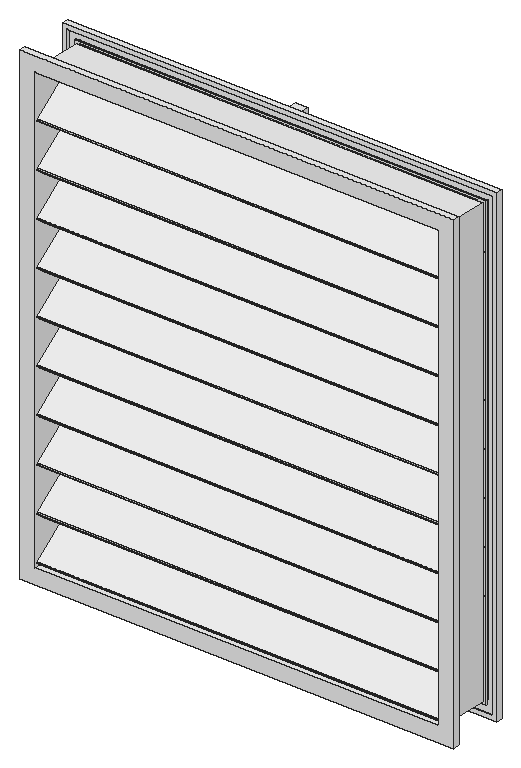
Revit family
Parameters (values of type "OHCL-C-124")
  URL = "http://www.productspec.net/products/18506/holyoake-industries-ltd/large-blade-outside-horizontal-louvers-ohl-124.aspx"
  Type Comments = "124mm Closable Horizontal Louvers in Channel Surround"
  Technical Data = "http://www.collate.co.nz/nas/TechnicalFiles/2367/p18505/F3-F5%20OHCL102%20124.pdf"
  Ownership = "Holyoake Industries Limited"
  Overall Opening = Exact Neck Height - 50.80 mm  # 769.20 mm
  Overall Depth = 38.30 mm
  Nominal Width = 756.00 mm
  Nominal Height = 826.00 mm
  Model = "OHCL-C-124"
  Manufacturer = "Holyoake Industries Limited"
  Keynote = ""
  Gang Bar with Actuator Width (plus min. 300mm clearance) = 150.00 mm
  Gang Bar Width (plus min. 300mm clearance) = 50.00 mm
  Closable Blade Gang Bar = yes
  Channel Width = 25.40 mm
  Channel Thickness = 103.20 mm
  Exact Neck Width = Nominal Width - 6.00 mm  # 750.00 mm
  Exact Neck Height = Nominal Height - 6.00 mm  # 820.00 mm
  Description = "Holyoake Outside Horizontal Louvre"
  Created By = "Productspec Limited"
  Frame & Blades = Aluminium
  Top Blade Height = Overall Opening - Blade Cut Setout  # 83.40 mm
  Connector Width = Exact Neck Width - 74.80 mm  # 675.20 mm
  Connector Height = Exact Neck Height - 74.80 mm  # 745.20 mm
  Blade Width = 97.10 mm
  Blade Pitch = 76.20 mm
  Blade Offset = (Channel Thickness - Blade Width) / 2  # 3.05 mm
  Blade Length = Exact Neck Width - 50.80 mm  # 699.20 mm
  Blade Height = 89.80 mm
  Blade Cut Setout = Blade Count * Blade Pitch  # 685.80 mm
  Blade Count = Blade Array Count - 1  # 9
  Blade Array Count = Overall Opening / Blade Pitch  # 10.0945
  Author = "Zinder Zhao"
  Assembly Code = ""
  Accessories = "Aluminium Bird mesh or insect mesh (fibreglass)"
Types (2, lengths in mm): name | Type Comments | Technical Data | Overall Opening | Nominal Width | Nominal Height | Model | Closable Blade Gang Bar | Exact Neck Width | Exact Neck Height | Top Blade Height | Connector Width | Connector Height | Blade Length | Blade Cut Setout | Blade Count | Blade Array Count
  OHCL-C-124 | "124mm Closable Horizontal Louvers in Channel Surround" | "http://www.collate.co.nz/nas/TechnicalFiles/2367/p18505/F3-F5%20OHCL102%20124.pdf" | 769.20 | 756.00 | 826.00 | "OHCL-C-124" | yes | 750.00 | 820.00 | 83.40 | 675.20 | 745.20 | 699.20 | 685.80 | 9 | 10.0945
  OHL-C-124 | "124mm Horizontal Louvers in Channel Surround" | "http://www.collate.co.nz/nas/TechnicalFiles/2367/p18505/F1-F2%20OHL102%20124.pdf" | 809.20 | 741.00 | 866.00 | "OHL-C-124" | no | 735.00 | 860.00 | 47.20 | 660.20 | 785.20 | 684.20 | 762.00 | 10 | 10.6194
Reference planes
  plane 1 "Centre": y = 0
  plane 2: z = 25.4
  plane 3 "Center (Left/Right)": x = -20.2
  plane 4 "Overall Opening": z = 794.6
  plane 5: y = 103.2
  plane 6: z = 101.6
  plane 7: x = -398.2
  plane 8: x = 354.8
  plane 9: x = 357.8
  plane 10: x = -395.2
  plane 11: z = 820
  plane 12: z = 823
  plane 13: z = 410
  plane 14: z = 115.2
  plane 15 "Cut Blade Setout": z = 711.2
  plane 16 "Blade Offset": y = 3.05
  plane 17: z = 0
  plane 18: y = 100.15
  plane 19: z = -3
  plane 20: z = 782.6
  plane 21: z = 37.4
  plane 22: x = -357.8
  plane 23: x = 317.4
  plane 24: x = -369.8
  plane 25: x = 329.4
  plane 26: y = 153.2
  plane 27: y = 253.2
Forms (mm)
  Sweep 1, solid, material "Aluminium" <- "Frame & Blades", detail levels fine
    path origin (0, 0, 0) x (1, 0, 0) y (0, 0, 1)
      loop
        line (329.4, 25.4) -> (329.4, 794.6) -> (-369.8, 794.6) -> (-369.8, 25.4) -> (329.4, 25.4)
    profile "Holyoake_OutsideLouvre_OHL-102_Channel_profile : OHL-102 Channel Profile" origin (329.4, 0, 410) x (-1, 0, 0) y (0, -1, 0)
      loop
        line (12, -103.2) -> (12, -101.6) -> (0, -101.6) -> (0, 0) -> (-25.4, 0) -> (-25.4, -10.6) -> (-18.8, -10.6) -> (-18.8, -7.5) -> (-22.2, -7.5) -> (-22.2, -1.9) -> (-3.2, -1.9) -> (-3.2, -7.5) -> (-6.1, -7.5) -> (-6.1, -10.6) -> (-2.3, -10.6) -> (-2.3, -92.9) -> (-6.1, -92.9) -> (-6.1, -95.7) -> (-3.2, -95.7) -> (-3.2, -101.3) -> (-22.2, -101.3) -> (-22.2, -95.7) -> (-18.8, -95.7) -> (-18.8, -92.9) -> (-25.4, -92.9) -> (-25.4, -103.2) -> (12, -103.2)
  Extrusion 2, solid, material "Aluminium" <- "Frame & Blades", detail levels coarse+medium
    sketch origin (0, 0, 0) x (1, 0, 0) y (0, 1, 0)
      loop
        line (-395.2, 103.2) -> (-395.2, 0) -> (354.8, 0) -> (354.8, 103.2) -> (-395.2, 103.2)
    from 0 to 820
Dimensions and locks
  "Overall Opening": plane 4 "Overall Opening" to plane 2
  equal spacing: group 1, group 2, group 3, group 4, group 5, group 6, group 7, group 8, group 9  (x3)
  "Blade Pitch": plane 6 to plane 2
  "Blade Cut Setout": plane 15 "Cut Blade Setout" to plane 2
  locked: plane 7 to plane 10 at 3
  locked: plane 12 to plane 11 at 3
  equal spacing: plane 10, plane 3 "Center (Left/Right)", plane 8
  "Exact Neck Width": plane 10 to plane 8
  "Nominal Width": plane 7 to plane 9
  "Blade Length": plane 24 to plane 25
  "Channel Thickness": plane 5 to plane 1 "Centre"
  equal spacing: plane 11, plane 13, plane 17
  "Exact Neck Height": plane 11 to plane 17
  "Nominal Height": plane 12 to plane 19
  "Blade Width": plane 18 to plane 16 "Blade Offset"
  "Channel Width": plane 10 to plane 24
  "Channel Width": plane 11 to plane 4 "Overall Opening"
  "Connector Height": plane 21 to plane 20
  "Connector Width": plane 22 to plane 23
  "Blade Offset": plane 16 "Blade Offset" to plane 1 "Centre"
  locked: plane 24 to plane 22 at 12
  locked: plane 4 "Overall Opening" to plane 20 at 12
  "Blade Height": plane 14 to plane 2
  "Gang Bar Width (plus min. 300mm clearance)": plane 26 to plane 5
  "Gang Bar with Actuator Width (plus min. 300mm clearance)": plane 5 to plane 27
  aligned and locked: plane 4 "Overall Opening" to Sweep 1 sketch curve
  aligned and locked: Sweep 1 sketch curve to plane 2
  aligned and locked: Sweep 1 to plane 4 "Overall Opening"
  aligned and locked: plane 2 to Sweep 1
  aligned and locked: Sweep 1 to plane 2  (x2)
  aligned and locked: Sweep 1 to plane 20
  aligned and locked: plane 21 to Sweep 1  (x3)
  aligned and locked: plane 10 to Sweep 1
  aligned and locked: plane 8 to Sweep 1
  aligned and locked: plane 5 to Sweep 1
  aligned and locked: plane 25 to Sweep 1
  aligned and locked: plane 24 to Sweep 1
  aligned and locked: plane 11 to Sweep 1
  aligned and locked: plane 17 to Sweep 1
  aligned and locked: plane 16 "Blade Offset" to nested 3  (x3)
  aligned and locked: plane 20 to Sweep 1  (x3)
  aligned and locked: Sweep 1 sketch curve to plane 24
  aligned and locked: Sweep 1 sketch curve to plane 25
  aligned and locked: Sweep 1 to plane 21
  aligned and locked: plane 22 to Sweep 1
  aligned and locked: plane 23 to Sweep 1
  aligned and locked: Sweep 1 to plane 23
  aligned and locked: nested 1 to plane 16 "Blade Offset"
  aligned and locked: nested 1 to plane 2
  aligned and locked: plane 18 to nested 1
  aligned and locked: nested 2 to plane 6
  aligned and locked: nested 2 to plane 16 "Blade Offset"
  aligned and locked: nested 4 to plane 16 "Blade Offset"
  aligned and locked: plane 18 to nested 2
  aligned and locked: nested 3 to plane 15 "Cut Blade Setout"
  aligned and locked: nested 3 to plane 4 "Overall Opening"
  aligned and locked: plane 14 to nested 1
  aligned and locked: nested 7 to plane 26
  aligned and locked: plane 3 "Center (Left/Right)" to nested 7
  aligned and locked: plane 26 to nested 7
  aligned and locked: nested 7 to plane 3 "Center (Left/Right)"
  aligned and locked: Extrusion 2 sketch curve to Sweep 1  (x3)
  aligned and locked: Sweep 1 to Extrusion 2 sketch curve
  aligned and locked: Extrusion 2 to plane 17
  aligned and locked: plane 11 to Extrusion 2
Nested families
  nested 1: "Holyoake_OutsideLouvre_OHL-124_Blade" at (-20.2, 3.05, 25.4), type "OHL-124 Blade"
    with Length 699.20 mm
  nested 2: "Holyoake_OutsideLouvre_OHL-124_Blade" at (-20.2, 3.05, 101.6), type "OHL-124 Blade"
    with Length 699.20 mm
  nested 3: "Holyoake_OutsideLouvre_OHL-124_BladeCutted" at (-20.2, 3.05, 711.2), type "OHL-124 Blade Cutted"
    with Length 699.20 mm, Blade Cut Setout 83.40 mm
  nested 4: "Holyoake_OutsideLouvre_OHL-124_Blade" at (-20.2, 3.05, 177.8), type "OHL-124 Blade"
    with Length 699.20 mm
  nested 5: "Holyoake_OutsideLouvre_OHL-124_Blade" at (-20.2, 3.05, 254), type "OHL-124 Blade"
    with Length 699.20 mm
  nested 6: "Holyoake_OutsideLouvre_OHL-124_Blade" at (-20.2, 3.05, 330.2), type "OHL-124 Blade"
    with Length 699.20 mm
  nested 7: "Holyoake_OutsideLouvre_OHCL_BladeControl" at (-40.2, 128.2, 25.4), visible <- "Closable Blade Gang Bar", type "OHCL Blade Control"
    with Length 769.20 mm
  nested 8: "Holyoake_OutsideLouvre_OHL-124_Blade" at (-20.2, 3.05, 406.4), type "OHL-124 Blade"
    with Length 699.20 mm
  nested 9: "Holyoake_OutsideLouvre_OHL-124_Blade" at (-20.2, 3.05, 482.6), type "OHL-124 Blade"
    with Length 699.20 mm
  nested 10: "Holyoake_OutsideLouvre_OHL-124_Blade" at (-20.2, 3.05, 558.8), type "OHL-124 Blade"
    with Length 699.20 mm
  nested 11: "Holyoake_OutsideLouvre_OHL-124_Blade" at (-20.2, 3.05, 635), type "OHL-124 Blade"
    with Length 699.20 mm
Connectors
  hvac at (-20.2, 103.2, 410), driven by "Connector Height", driven by "Connector Width"
    settings: on Sweep 1, index 1
Definition of nested family "Holyoake_OutsideLouvre_OHL-124_Blade"
  Parameters (values of type "OHL-124 Blade")
    Width = 97.10 mm
    URL = "http://www.productspec.net/products/18506/holyoake-industries-ltd/large-blade-outside-horizontal-louvers-ohl-124.aspx"
    Type Comments = "Outside Louvre Blade"
    Ownership = "Holyoake Industries Ltd"
    Model = "OHL-124"
    Manufacturer = "Holyoake Industries Ltd"
    Length = 684.20 mm
    Height = 89.80 mm
    Created By = "Productspec Ltd"
    Blade = Aluminium
    Author = "Zinder Zhao"
    Assembly Code = ""
  Reference planes
    plane 1 "Center (Front/Back)": y = 0
    plane 2: z = 0
    plane 3 "Center (Left/Right)": x = 0
    plane 4: x = -342.1
    plane 5: x = 342.1
    plane 6: y = 97.1
    plane 7: z = 89.8
  Forms (mm)
    Sweep 1, solid, material "Aluminium" <- "Blade", detail levels fine
      path origin (0, 0, 0) x (1, 0, 0) y (0, 1, 0)
        loop
          line (-342.1, 0) -> (342.1, 0)
      profile "Holyoake_OutsideLouvre_OHL-124_Blade_profile : OHL-124 Blade Profile" origin (0, 0, 0) x (0, 1, 0) y (0, 0, 1)
        loop
          line (8.511, 0) -> (11.135, 0) -> (1.343, 7.533) -> (97.1, 80.796) -> (97.1, 82.744) -> (87.928, 89.8) -> (85.304, 89.8) -> (95.725, 81.783) -> (0, 8.52) -> (0, 6.547) -> (8.511, 0)
  Dimensions and locks
    "Height": plane 7 to plane 2
    "Width": plane 6 to plane 1 "Center (Front/Back)"
    equal spacing: plane 4, plane 3 "Center (Left/Right)", plane 5
    "Length": plane 4 to plane 5
    aligned and locked: plane 1 "Center (Front/Back)" to Sweep 1 sketch curve
  Automatic sketch dimensions
    Sweep 1 sketch curve to plane 4 = 0.00 mm
    Sweep 1 sketch curve to plane 5 = 0.00 mm
Definition of nested family "Holyoake_OutsideLouvre_OHL-124_BladeCutted"
  Parameters (values of type "OHL-124 Blade Cutted")
    Width = 97.10 mm
    URL = "http://www.productspec.net/products/18506/holyoake-industries-ltd/large-blade-outside-horizontal-louvers-ohl-124.aspx"
    Type Comments = "Outside Louvre Blade Cutted"
    Ownership = "Holyoake Industries Ltd"
    Model = "OHL-124"
    Manufacturer = "Holyoake Industries Ltd"
    Length = 684.20 mm
    Height = 89.80 mm
    Created By = "Productspec Ltd"
    Blade Cut Setout = 63.40 mm
    Blade = Aluminium
    Author = "Zinder Zhao"
    Assembly Code = ""
  Reference planes
    plane 1 "Center (Front/Back)": y = 0
    plane 2: z = 0
    plane 3 "Center (Left/Right)": x = 0
    plane 4 "Left": x = -342.1
    plane 5 "Right": x = 342.1
    plane 6: y = 97.1
    plane 7: z = 89.8
    plane 8: z = 63.4
  Forms (mm)
    Sweep 1, solid, material "Aluminium" <- "Blade", detail levels fine
      path origin (0, 0, 0) x (1, 0, 0) y (0, 1, 0)
        loop
          line (-342.1, 0) -> (342.1, 0)
      profile "Holyoake_OutsideLouvre_OHL-124_Blade_profile : OHL-124 Blade Profile" origin (0, 0, 0) x (0, 1, 0) y (0, 0, 1)
        loop
          line (8.511, 0) -> (11.135, 0) -> (1.343, 7.533) -> (97.1, 80.796) -> (97.1, 82.744) -> (87.928, 89.8) -> (85.304, 89.8) -> (95.725, 81.783) -> (0, 8.52) -> (0, 6.547) -> (8.511, 0)
    Extrusion 2, void
      sketch origin (-342.1, 0, 0) x (0, 1, 0) y (0, 0, 1)
        loop
          line (97.1, 63.4) -> (97.1, 126.485) -> (0, 126.485) -> (0, 63.4) -> (97.1, 63.4)
      from 0 to 684.2
  Cuts and joins
    Extrusion 2 cuts Sweep 1
  Dimensions and locks
    "Height": plane 7 to plane 2
    "Width": plane 6 to plane 1 "Center (Front/Back)"
    equal spacing: plane 4 "Left", plane 3 "Center (Left/Right)", plane 5 "Right"
    "Length": plane 4 "Left" to plane 5 "Right"
    "Blade Cut Setout": plane 8 to plane 2
    aligned and locked: plane 1 "Center (Front/Back)" to Sweep 1 sketch curve
    aligned and locked: plane 6 to Extrusion 2 sketch curve
    aligned and locked: Extrusion 2 sketch curve to plane 1 "Center (Front/Back)"
    aligned and locked: cut or joined group of Sweep 1, Extrusion 2 to plane 8
    aligned and locked: plane 4 "Left" to cut or joined group of Sweep 1, Extrusion 2
    aligned and locked: plane 5 "Right" to cut or joined group of Sweep 1, Extrusion 2
    aligned and locked: plane 5 "Right" to Extrusion 2
    aligned and locked: Extrusion 2 to plane 4 "Left"
  Automatic sketch dimensions
    Sweep 1 sketch curve to plane 4 "Left" = 0.00 mm
    Sweep 1 sketch curve to plane 5 "Right" = 0.00 mm
    Extrusion 2 sketch curve to plane 7 = 26.40 mm
    plane 7 to Extrusion 2 sketch curve = 36.685 mm
Definition of nested family "Holyoake_OutsideLouvre_OHCL_BladeControl"
  Parameters (values of type "OHCL Blade Control")
    Width = 40.00 mm
    URL = "http://www.productspec.net/products/comp/2367/holyoake-industries-ltd-products.aspx"
    Type Comments = "Closable Louvre Blade Control"
    Ownership = "Holyoake Industries Ltd"
    Model = "OHCL - 124 & 102"
    Manufacturer = "Holyoake Industries Ltd"
    Length = 749.20 mm
    Created By = "Productspec Ltd"
    Bracket Width = 15.00 mm
    Bracket Pitch = 76.20 mm
    Bracket Offset = Bracket Pitch - Bracket Width  # 61.20 mm
    Bracket Number = Length / Bracket Pitch - 1  # 9
    Bracket = Aluminium
    Author = "Zinder Zhao"
    Assembly Code = ""
  Reference planes
    plane 1 "Center (Front/Back)": y = 0
    plane 2: z = 0
    plane 3 "Right": x = 40
    plane 4 "Centre": x = 20
    plane 5: y = 25
    plane 6: y = -35
    plane 7: z = 749.2
    plane 8: z = 61.2
    plane 9: z = 76.2
    plane 10: z = 137.4
    plane 11 "Left": x = 0
  Forms (mm)
    Extrusion 1, solid, material "Aluminium" <- "Bracket", detail levels medium+fine
      sketch origin (40, 0, 0) x (0, 1, 0) y (0, 0, 1)
        loop
          line (25, 749.2) -> (0, 749.2) -> (0, 0) -> (25, 0) -> (25, 749.2)
      from -40 to -20
    Extrusion 2, solid, material "Aluminium" <- "Bracket", detail levels fine
      sketch origin (20, -10, -18.8) x (0, 1, 0) y (0, 0, 1)
        loop
          line (26.487, 95) -> (-17.5, 95)
          arc (-17.5, 95) -> (-22.068, 93.365) -> (-25, 89.5) r 8.511
          line (-25, 89.5) -> (-25, 85.5)
          arc (-25, 85.5) -> (-22.068, 81.635) -> (-17.5, 80) r 8.511
          line (-17.5, 80) -> (26.487, 80)
          arc (26.487, 80) -> (33.987, 87.5) -> (26.487, 95) r 7.5
      from 0 to 20
    Extrusion 3, solid, material "Aluminium" <- "Bracket", detail levels fine
      sketch origin (20, -10, 57.4) x (0, 1, 0) y (0, 0, 1)
        loop
          line (26.487, 95) -> (-17.5, 95)
          arc (-17.5, 95) -> (-22.068, 93.365) -> (-25, 89.5) r 8.511
          line (-25, 89.5) -> (-25, 85.5)
          arc (-25, 85.5) -> (-22.068, 81.635) -> (-17.5, 80) r 8.511
          line (-17.5, 80) -> (26.487, 80)
          arc (26.487, 80) -> (33.987, 87.5) -> (26.487, 95) r 7.5
      from 0 to 20
    Extrusion 4, solid, material "Aluminium" <- "Bracket", detail levels fine
      sketch origin (20, -10, 133.6) x (0, 1, 0) y (0, 0, 1)
        loop
          line (26.487, 95) -> (-17.5, 95)
          arc (-17.5, 95) -> (-22.068, 93.365) -> (-25, 89.5) r 8.511
          line (-25, 89.5) -> (-25, 85.5)
          arc (-25, 85.5) -> (-22.068, 81.635) -> (-17.5, 80) r 8.511
          line (-17.5, 80) -> (26.487, 80)
          arc (26.487, 80) -> (33.987, 87.5) -> (26.487, 95) r 7.5
      from 0 to 20
    Extrusion 5, solid, material "Aluminium" <- "Bracket", detail levels fine
      sketch origin (20, -10, 209.8) x (0, 1, 0) y (0, 0, 1)
        loop
          line (26.487, 95) -> (-17.5, 95)
          arc (-17.5, 95) -> (-22.068, 93.365) -> (-25, 89.5) r 8.511
          line (-25, 89.5) -> (-25, 85.5)
          arc (-25, 85.5) -> (-22.068, 81.635) -> (-17.5, 80) r 8.511
          line (-17.5, 80) -> (26.487, 80)
          arc (26.487, 80) -> (33.987, 87.5) -> (26.487, 95) r 7.5
      from 0 to 20
    Extrusion 6, solid, material "Aluminium" <- "Bracket", detail levels fine
      sketch origin (20, -10, 286) x (0, 1, 0) y (0, 0, 1)
        loop
          line (26.487, 95) -> (-17.5, 95)
          arc (-17.5, 95) -> (-22.068, 93.365) -> (-25, 89.5) r 8.511
          line (-25, 89.5) -> (-25, 85.5)
          arc (-25, 85.5) -> (-22.068, 81.635) -> (-17.5, 80) r 8.511
          line (-17.5, 80) -> (26.487, 80)
          arc (26.487, 80) -> (33.987, 87.5) -> (26.487, 95) r 7.5
      from 0 to 20
    Extrusion 7, solid, material "Aluminium" <- "Bracket", detail levels fine
      sketch origin (20, -10, 362.2) x (0, 1, 0) y (0, 0, 1)
        loop
          line (26.487, 95) -> (-17.5, 95)
          arc (-17.5, 95) -> (-22.068, 93.365) -> (-25, 89.5) r 8.511
          line (-25, 89.5) -> (-25, 85.5)
          arc (-25, 85.5) -> (-22.068, 81.635) -> (-17.5, 80) r 8.511
          line (-17.5, 80) -> (26.487, 80)
          arc (26.487, 80) -> (33.987, 87.5) -> (26.487, 95) r 7.5
      from 0 to 20
    Extrusion 8, solid, material "Aluminium" <- "Bracket", detail levels fine
      sketch origin (20, -10, 438.4) x (0, 1, 0) y (0, 0, 1)
        loop
          line (26.487, 95) -> (-17.5, 95)
          arc (-17.5, 95) -> (-22.068, 93.365) -> (-25, 89.5) r 8.511
          line (-25, 89.5) -> (-25, 85.5)
          arc (-25, 85.5) -> (-22.068, 81.635) -> (-17.5, 80) r 8.511
          line (-17.5, 80) -> (26.487, 80)
          arc (26.487, 80) -> (33.987, 87.5) -> (26.487, 95) r 7.5
      from 0 to 20
    Extrusion 9, solid, material "Aluminium" <- "Bracket", detail levels fine
      sketch origin (20, -10, 514.6) x (0, 1, 0) y (0, 0, 1)
        loop
          line (26.487, 95) -> (-17.5, 95)
          arc (-17.5, 95) -> (-22.068, 93.365) -> (-25, 89.5) r 8.511
          line (-25, 89.5) -> (-25, 85.5)
          arc (-25, 85.5) -> (-22.068, 81.635) -> (-17.5, 80) r 8.511
          line (-17.5, 80) -> (26.487, 80)
          arc (26.487, 80) -> (33.987, 87.5) -> (26.487, 95) r 7.5
      from 0 to 20
    Extrusion 10, solid, material "Aluminium" <- "Bracket", detail levels fine
      sketch origin (20, -10, 590.8) x (0, 1, 0) y (0, 0, 1)
        loop
          line (26.487, 95) -> (-17.5, 95)
          arc (-17.5, 95) -> (-22.068, 93.365) -> (-25, 89.5) r 8.511
          line (-25, 89.5) -> (-25, 85.5)
          arc (-25, 85.5) -> (-22.068, 81.635) -> (-17.5, 80) r 8.511
          line (-17.5, 80) -> (26.487, 80)
          arc (26.487, 80) -> (33.987, 87.5) -> (26.487, 95) r 7.5
      from 0 to 20
  Dimensions and locks
    equal spacing: group 1, group 2, group 3, group 4, group 5, group 6, group 7, group 8, group 9  (x3)
    "Bracket Offset": plane 8 to plane 2
    "Bracket Width": plane 9 to plane 8
    "Bracket Pitch": plane 10 to plane 8
    "Length": plane 7 to plane 2
    plane 6 to plane 1 "Center (Front/Back)" = 35.00 mm
    aligned and locked: level to plane 2
    aligned and locked: Extrusion 1 sketch curve to plane 5
    aligned and locked: plane 7 to Extrusion 1 sketch curve
    aligned and locked: level to Extrusion 1 sketch curve
    aligned and locked: plane 1 "Center (Front/Back)" to Extrusion 1 sketch curve
    aligned and locked: Extrusion 2 to plane 4 "Centre"
    aligned and locked: plane 3 "Right" to Extrusion 2
    aligned and locked: Extrusion 1 to plane 5  (x2)
    aligned and locked: plane 1 "Center (Front/Back)" to Extrusion 1  (x2)
    aligned and locked: plane 6 to Extrusion 2
    aligned and locked: Extrusion 2 to plane 3 "Right"
    aligned and locked: plane 4 "Centre" to Extrusion 2
    aligned and locked: Extrusion 2 to plane 8
    aligned and locked: plane 9 to Extrusion 2
    aligned and locked: Extrusion 3 to plane 10
    aligned and locked: plane 6 to Extrusion 3
    aligned and locked: plane 6 to Extrusion 4
    aligned and locked: plane 7 to Extrusion 1
    aligned and locked: Extrusion 1 to plane 2
    aligned and locked: plane 4 "Centre" to Extrusion 1
  Automatic sketch dimensions
    Extrusion 6 sketch curve to Extrusion 6 sketch curve = 7.50 mm  (x3)
    Extrusion 6 sketch curve to Extrusion 6 sketch curve = 0.466 mm
    Extrusion 6 sketch curve to Extrusion 6 sketch curve = 0.00 mm
    Extrusion 6 sketch curve to Extrusion 6 sketch curve = 43.521 mm
    Extrusion 6 sketch curve to Extrusion 6 sketch curve = 5.50 mm
    Extrusion 6 sketch curve to Extrusion 6 sketch curve = 1.997 mm
    Extrusion 2 sketch curve to Extrusion 2 sketch curve = 7.50 mm  (x3)
    Extrusion 2 sketch curve to Extrusion 2 sketch curve = 0.466 mm
    Extrusion 2 sketch curve to Extrusion 2 sketch curve = 0.00 mm
    Extrusion 2 sketch curve to Extrusion 2 sketch curve = 43.521 mm
    Extrusion 2 sketch curve to Extrusion 2 sketch curve = 5.50 mm
    Extrusion 2 sketch curve to Extrusion 2 sketch curve = 1.997 mm
    Extrusion 3 sketch curve to Extrusion 3 sketch curve = 7.50 mm  (x3)
    Extrusion 3 sketch curve to Extrusion 3 sketch curve = 0.466 mm
    Extrusion 3 sketch curve to Extrusion 3 sketch curve = 0.00 mm
    Extrusion 3 sketch curve to Extrusion 3 sketch curve = 43.521 mm
    Extrusion 3 sketch curve to Extrusion 3 sketch curve = 5.50 mm
    Extrusion 3 sketch curve to Extrusion 3 sketch curve = 1.997 mm
    Extrusion 4 sketch curve to Extrusion 4 sketch curve = 7.50 mm  (x3)
    Extrusion 4 sketch curve to Extrusion 4 sketch curve = 0.466 mm
    Extrusion 4 sketch curve to Extrusion 4 sketch curve = 0.00 mm
    Extrusion 4 sketch curve to Extrusion 4 sketch curve = 43.521 mm
    Extrusion 4 sketch curve to Extrusion 4 sketch curve = 5.50 mm
    Extrusion 4 sketch curve to Extrusion 4 sketch curve = 1.997 mm
    Extrusion 5 sketch curve to Extrusion 5 sketch curve = 7.50 mm  (x3)
    Extrusion 5 sketch curve to Extrusion 5 sketch curve = 0.466 mm
    Extrusion 5 sketch curve to Extrusion 5 sketch curve = 0.00 mm
    Extrusion 5 sketch curve to Extrusion 5 sketch curve = 43.521 mm
    Extrusion 5 sketch curve to Extrusion 5 sketch curve = 5.50 mm
    Extrusion 5 sketch curve to Extrusion 5 sketch curve = 1.997 mm
    Extrusion 7 sketch curve to Extrusion 7 sketch curve = 7.50 mm  (x3)
    Extrusion 7 sketch curve to Extrusion 7 sketch curve = 0.466 mm
    Extrusion 7 sketch curve to Extrusion 7 sketch curve = 0.00 mm
    Extrusion 7 sketch curve to Extrusion 7 sketch curve = 43.521 mm
    Extrusion 7 sketch curve to Extrusion 7 sketch curve = 5.50 mm
    Extrusion 7 sketch curve to Extrusion 7 sketch curve = 1.997 mm
    Extrusion 8 sketch curve to Extrusion 8 sketch curve = 7.50 mm  (x3)
    Extrusion 8 sketch curve to Extrusion 8 sketch curve = 0.466 mm
    Extrusion 8 sketch curve to Extrusion 8 sketch curve = 0.00 mm
    Extrusion 8 sketch curve to Extrusion 8 sketch curve = 43.521 mm
    Extrusion 8 sketch curve to Extrusion 8 sketch curve = 5.50 mm
    Extrusion 8 sketch curve to Extrusion 8 sketch curve = 1.997 mm
    Extrusion 9 sketch curve to Extrusion 9 sketch curve = 7.50 mm  (x3)
    Extrusion 9 sketch curve to Extrusion 9 sketch curve = 0.466 mm
    Extrusion 9 sketch curve to Extrusion 9 sketch curve = 0.00 mm
    Extrusion 9 sketch curve to Extrusion 9 sketch curve = 43.521 mm
    Extrusion 9 sketch curve to Extrusion 9 sketch curve = 5.50 mm
    Extrusion 9 sketch curve to Extrusion 9 sketch curve = 1.997 mm
    Extrusion 10 sketch curve to Extrusion 10 sketch curve = 7.50 mm  (x3)
    Extrusion 10 sketch curve to Extrusion 10 sketch curve = 0.466 mm
    Extrusion 10 sketch curve to Extrusion 10 sketch curve = 0.00 mm
    Extrusion 10 sketch curve to Extrusion 10 sketch curve = 43.521 mm
    Extrusion 10 sketch curve to Extrusion 10 sketch curve = 5.50 mm
    Extrusion 10 sketch curve to Extrusion 10 sketch curve = 1.997 mm
